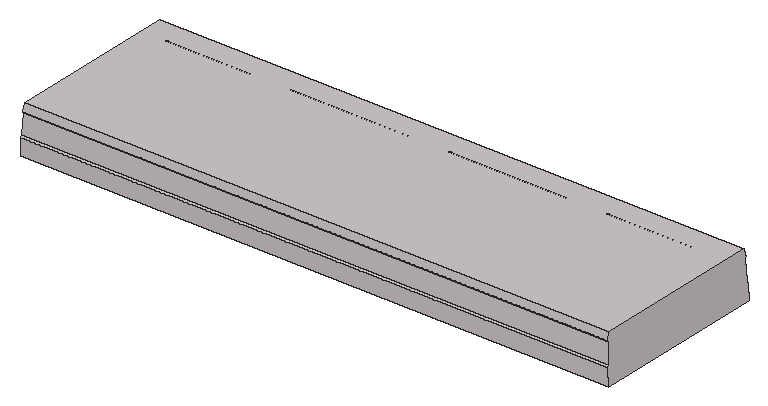
Revit family "Ребристая плита перекрытия из сборного железобетона(ГОСТ 27215-87)", category Каркас несущий, Revit 2016
Family settings
  Округление длины несущего каркаса = 0 мм
  Форма сечения = Не задано
  Материал для поведения модели = Прочее
  Всегда экспортировать в виде геометрии = Нет
  На основе рабочей плоскости = Да
  Всегда вертикально = Нет
  При загрузке вырезать с полостями = Нет
  Условное обозначение = Из семейства
  Общий = Да
  Показывать семейство разрезанным на планах = Да
Parameters (values of type "1P3")
  Default Elevation = 1219.2 mm
  Материал несущих конструкций = Бетон - Сборный железобетон - 35 МПa
  hf = 50 mm
  h = 400 mm
  b6 = 20 mm
  b5 = 45 mm
  b4 = 100 mm
  b2 = 35 mm
  b1 = 85 mm
  b = 1485 mm
  Вычисление примыканий в начале [instance] = 5012.7 mm + Примыкание в начале  # 5000 mm
  Примыкание в начале [instance] = -12.7 mm
  ВысотаРебра = h / 2  # 200 mm
  Ребро1_ДлинаСверху = 100 mm
  Ребро1_ДлинаСнизу = 50 mm
  R = 50 mm
  Длина1 = 1350 mm
  Вычисление примыкания в конце [instance] = 5012.7 mm + Примыкание в конце  # 5000 mm
  Примыкание в конце [instance] = -12.7 mm
  Код по классификатору = "B10"
  Length [instance] = 1500 mm
Types (4, lengths in mm): name | b
  1P3 | 1485
  1P4 | 1485
  1P5 | 935
  1P6 | 935
Reference planes
  plane 1 "По центру (Вперед/Назад)": y = 0
  plane 2: z = 0
  plane 3 "По центру (Влево/Вправо)": x = 4.61
  plane 4 "Элемент слева": x = -2506.19
  plane 5 "Элемент справа": x = 2515.41
  plane 6: y = 742.5
  plane 7: y = -742.5
  plane 8: z = 200
  plane 9 "По низу": z = -200
  plane 10 "Слева": x = -695.39
  plane 11 "Справа": x = 804.61
  plane 12: x = -2506.19
  plane 13: x = 2515.41
  plane 14: x = 2493.81
  plane 15: x = -2484.59
  plane 16: x = 4.61
  plane 17: x = -1345.39
  plane 18: x = 1354.61
  plane 19: y = 657.5
  plane 20: y = -657.5
  plane 21: x = -2486.19
  plane 22: x = 2495.41
Forms (mm)
  Sweep 1, solid, material "Бетон - Сборный железобетон - 35 МПa" <- "Материал несущих конструкций"
    path origin (0, 0, 0) x (1, 0, 0) y (0, 1, 0)
      loop
        line (-2506.19, 0) -> (2515.41, 0)
    profile "P2-Профиль : P2" origin (4.61, 0, 0) x (0, 1, 0) y (0, 0, 1)
      loop
        line (-742.5, -200) -> (-657.5, -200) -> (-627.002, 104.975)
        arc (-627.002, 104.975) -> (-610.801, 137.073) -> (-577.251, 150) r 50
        line (-577.251, 150) -> (577.251, 150)
        arc (577.251, 150) -> (610.801, 137.073) -> (627.002, 104.975) r 50
        line (627.002, 104.975) -> (657.5, -200) -> (742.5, -200) -> (742.5, -60) -> (732.5, -45) -> (722.5, 125) -> (732.5, 140) -> (722.5, 200) -> (-722.5, 200) -> (-732.5, 140) -> (-722.5, 125) -> (-732.5, -45) -> (-742.5, -60) -> (-742.5, -200)
  Sweep 2, solid, material "Бетон - Сборный железобетон - 35 МПa" <- "Материал несущих конструкций"
    path origin (0, 0, 0) x (1, 0, 0) y (0, 1, 0)
      loop
        line (-1345.39, -657.5) -> (-1345.39, 657.5)
    profile "Ребро1-Профиль : Ребро1" origin (-1345.39, 0, 0) x (-1, 0, 0) y (0, 0, 1)
      loop
        line (-25, 0) -> (25, 0) -> (43.037, 108.22)
        arc (43.037, 108.22) -> (60.038, 138.151) -> (92.356, 150) r 50
        line (92.356, 150) -> (150, 150) -> (150, 200) -> (-150, 200) -> (-150, 150) -> (-92.356, 150)
        arc (-92.356, 150) -> (-60.038, 138.151) -> (-43.037, 108.22) r 50
        line (-43.037, 108.22) -> (-25, 0)
  Sweep 3, solid, material "Бетон - Сборный железобетон - 35 МПa" <- "Материал несущих конструкций"
    path origin (2800, 0, 0) x (1, 0, 0) y (0, 1, 0)
      loop
        line (-1445.39, -657.5) -> (-1445.39, 657.5)
    profile "Ребро1-Профиль : Ребро1" origin (1354.61, 0, 0) x (-1, 0, 0) y (0, 0, 1)
      loop
        line (-25, 0) -> (25, 0) -> (43.037, 108.22)
        arc (43.037, 108.22) -> (60.038, 138.151) -> (92.356, 150) r 50
        line (92.356, 150) -> (150, 150) -> (150, 200) -> (-150, 200) -> (-150, 150) -> (-92.356, 150)
        arc (-92.356, 150) -> (-60.038, 138.151) -> (-43.037, 108.22) r 50
        line (-43.037, 108.22) -> (-25, 0)
  Sweep 4, solid, material "Бетон - Сборный железобетон - 35 МПa" <- "Материал несущих конструкций"
    path origin (1400, 0, 0) x (1, 0, 0) y (0, 1, 0)
      loop
        line (-1395.39, -657.5) -> (-1395.39, 657.5)
    profile "Ребро1-Профиль : Ребро1" origin (4.61, 0, 0) x (-1, 0, 0) y (0, 0, 1)
      loop
        line (-25, 0) -> (25, 0) -> (43.037, 108.22)
        arc (43.037, 108.22) -> (60.038, 138.151) -> (92.356, 150) r 50
        line (92.356, 150) -> (150, 150) -> (150, 200) -> (-150, 200) -> (-150, 150) -> (-92.356, 150)
        arc (-92.356, 150) -> (-60.038, 138.151) -> (-43.037, 108.22) r 50
        line (-43.037, 108.22) -> (-25, 0)
  Sweep 5, solid, material "Бетон - Сборный железобетон - 35 МПa" <- "Материал несущих конструкций"
    path origin (0, 0, 0) x (1, 0, 0) y (0, 1, 0)
      loop
        line (-2506.19, -657.5) -> (-2506.19, 657.5)
    profile "РебристаяКромка-Профиль : РебристаяКромка" origin (-2506.19, 0, 0) x (-1, 0, 0) y (0, 0, 1)
      loop
        line (0, -200) -> (-20, 200) -> (-245, 200) -> (-245, 150) -> (-188.983, 150)
        arc (-188.983, 150) -> (-155.959, 137.542) -> (-139.391, 106.376) r 50
        line (-139.391, 106.376) -> (-100, -200) -> (0, -200)
  Sweep 6, solid, material "Бетон - Сборный железобетон - 35 МПa" <- "Материал несущих конструкций"
    path origin (9.22, 0, 0) x (-1, 0, 0) y (0, 1, 0)
      loop
        line (-2506.19, -657.5) -> (-2506.19, 657.5)
    profile "РебристаяКромка-Профиль : РебристаяКромка" origin (2515.41, 0, 0) x (-1, 0, 0) y (0, 0, 1)
      loop
        line (0, -200) -> (100, -200) -> (139.391, 106.376)
        arc (139.391, 106.376) -> (155.959, 137.542) -> (188.983, 150) r 50
        line (188.983, 150) -> (245, 150) -> (245, 200) -> (20, 200) -> (0, -200)
  Sweep 7, void
    path origin (0, 0, 0) x (1, 0, 0) y (0, 1, 0)
      loop
        line (-2506.19, -742.5) -> (-2506.19, 742.5)
    profile origin (-2506.19, 0, 0) x (-1, 0, 0) y (0, 0, 1)
      loop
        line (0, -200) -> (0, 200) -> (-20, 200) -> (0, -200)
  Sweep 8, void
    path origin (0, 0, 0) x (1, 0, 0) y (0, 1, 0)
      loop
        line (2515.41, -742.5) -> (2515.41, 742.5)
    profile origin (2515.41, 0, 0) x (-1, 0, 0) y (0, 0, 1)
      loop
        line (20, 200) -> (0, 200) -> (0, -200) -> (20, 200)
Cuts and joins
  Sweep 7, Sweep 8 cuts Sweep 1
  Sweep 7, Sweep 8 cuts Sweep 2
  Sweep 7, Sweep 8 cuts Sweep 3
  Sweep 7, Sweep 8 cuts Sweep 4
  Sweep 7, Sweep 8 cuts Sweep 5
  Sweep 7, Sweep 8 cuts Sweep 6
  joined: Sweep 1, Sweep 2, Sweep 3, Sweep 4, Sweep 5, Sweep 6
Dimensions and locks
  "b": plane 6 to plane 7
  equal spacing: plane 9 "По низу", plane 2, plane 8
  equal spacing: plane 6, plane 1 "По центру (Вперед/Назад)", plane 7
  "h": plane 9 "По низу" to plane 8
  "Length": plane 10 "Слева" to plane 11 "Справа"
  locked: plane 4 "Элемент слева" to plane 14 at 5000
  locked: plane 15 to plane 5 "Элемент справа" at 5000
  "Вычисление примыканий в начале": plane 12 to plane 14
  "Вычисление примыкания в конце": plane 15 to plane 13
  equal spacing: plane 12, plane 16, plane 13
  "Длина1": plane 17 to plane 16
  "Длина1": plane 16 to plane 18
  "b1": plane 6 to plane 19
  "b1": plane 20 to plane 7
  "b6": plane 21 to plane 12
  "b6": plane 22 to plane 13
  aligned and locked: plane 12 to Sweep 1 sketch curve
  aligned and locked: plane 13 to Sweep 1 sketch curve
  aligned and locked: Sweep 1 sketch curve to plane 1 "По центру (Вперед/Назад)"
  aligned and locked: Sweep 2 sketch curve to plane 17
  aligned and locked: Sweep 3 sketch curve to plane 18
  aligned and locked: plane 19 to Sweep 2 sketch curve
  aligned and locked: plane 20 to Sweep 2 sketch curve
  aligned and locked: Sweep 3 sketch curve to plane 19
  aligned and locked: Sweep 3 sketch curve to plane 20
  aligned and locked: Sweep 4 sketch curve to plane 16
  aligned and locked: plane 20 to Sweep 4 sketch curve
  aligned and locked: plane 19 to Sweep 4 sketch curve
  aligned and locked: plane 19 to Sweep 5 sketch curve
  aligned and locked: plane 20 to Sweep 5 sketch curve
  aligned and locked: Sweep 5 sketch curve to plane 12
  aligned and locked: Sweep 6 sketch curve to plane 19
  aligned and locked: Sweep 6 sketch curve to plane 20
  aligned and locked: Sweep 6 sketch curve to plane 13
  aligned and locked: Sweep 7 sketch curve to plane 12
  aligned and locked: plane 6 to Sweep 7 sketch curve
  aligned and locked: plane 7 to Sweep 7 sketch curve
  aligned and locked: Sweep 7 sketch curve to plane 8
  aligned and locked: Sweep 7 sketch curve to plane 9 "По низу"
  aligned and locked: plane 12 to Sweep 7 sketch curve
  aligned and locked: plane 21 to Sweep 7 sketch curve
  aligned and locked: Sweep 8 sketch curve to plane 13  (x2)
  aligned and locked: Sweep 8 sketch curve to plane 6
  aligned and locked: Sweep 8 sketch curve to plane 7
  aligned and locked: plane 8 to Sweep 8 sketch curve
  aligned and locked: plane 22 to Sweep 8 sketch curve
  aligned and locked: plane 9 "По низу" to Sweep 8 sketch curve
